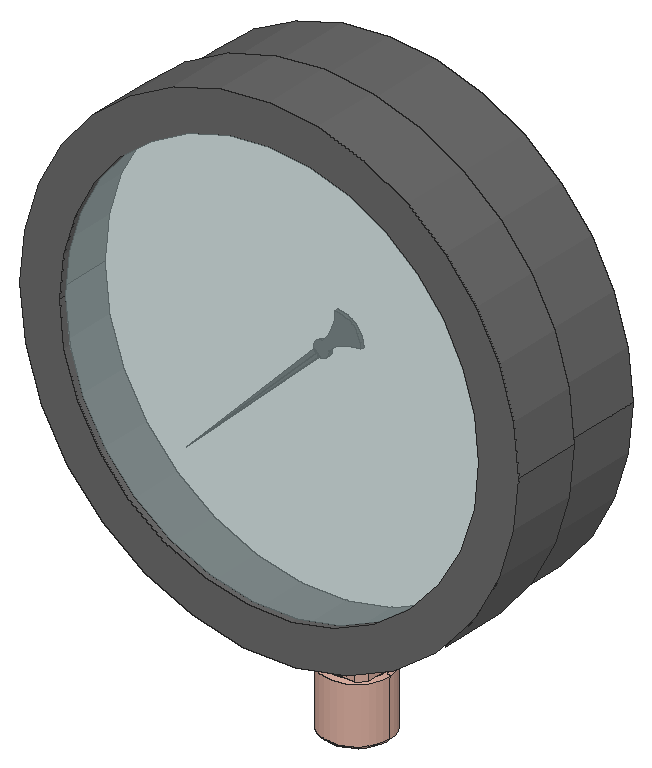
Revit family "РОСМА_Манометр_IP54", category Арматура трубопроводов, Revit 2018 (continued)
Definition of nested family "Корпус манометра_Ст_Исп_IP54"
  Automatic sketch dimensions
    curve 99 to curve 99 = 1.831 mm
    curve 100 to curve 100 = 1.759 mm
    curve 100 to curve 100 = 1.831 mm
    curve 101 to curve 101 = 1.759 mm
    curve 101 to curve 101 = 1.831 mm
    curve 102 to curve 102 = 1.759 mm
    curve 102 to curve 102 = 1.831 mm
    curve 103 to curve 103 = 1.759 mm
    curve 103 to curve 103 = 1.831 mm
    curve 104 to curve 104 = 1.759 mm
    curve 104 to curve 104 = 1.831 mm
    curve 105 to curve 105 = 1.759 mm
    curve 105 to curve 105 = 1.831 mm
    curve 106 to curve 106 = 1.759 mm
    curve 106 to curve 106 = 1.831 mm
    curve 107 to curve 107 = 1.759 mm
    curve 107 to curve 107 = 1.831 mm
    curve 108 to curve 108 = 1.759 mm
    curve 108 to curve 108 = 1.831 mm
    curve 109 to curve 109 = 1.759 mm
    curve 109 to curve 109 = 1.831 mm
    curve 110 to curve 110 = 1.759 mm
    curve 110 to curve 110 = 1.831 mm
    curve 111 to curve 111 = 1.759 mm
    curve 111 to curve 111 = 1.831 mm
    curve 112 to curve 112 = 1.759 mm
    curve 112 to curve 112 = 1.831 mm
    curve 113 to curve 113 = 1.759 mm
    curve 113 to curve 113 = 1.831 mm
    curve 114 to curve 114 = 1.759 mm
    curve 114 to curve 114 = 1.831 mm
    curve 115 to curve 115 = 1.759 mm
    curve 115 to curve 115 = 1.831 mm
    curve 116 to curve 116 = 1.759 mm
    curve 116 to curve 116 = 1.831 mm
    curve 117 to curve 117 = 1.759 mm
    curve 117 to curve 117 = 1.831 mm
    curve 118 to curve 118 = 1.759 mm
    curve 118 to curve 118 = 1.831 mm
    curve 119 to curve 119 = 1.759 mm
    curve 119 to curve 119 = 1.831 mm
    curve 120 to curve 120 = 1.759 mm
    curve 120 to curve 120 = 1.831 mm
    curve 121 to curve 121 = 1.759 mm
    curve 121 to curve 121 = 1.831 mm
    curve 122 to curve 122 = 1.759 mm
    curve 122 to curve 122 = 1.831 mm
    curve 123 to curve 123 = 1.759 mm
    curve 123 to curve 123 = 1.831 mm
    curve 124 to curve 124 = 1.759 mm
    curve 124 to curve 124 = 1.831 mm
    curve 125 to curve 125 = 1.759 mm
    curve 125 to curve 125 = 1.831 mm
    curve 126 to curve 126 = 1.759 mm
    curve 126 to curve 126 = 1.831 mm
    curve 127 to curve 127 = 1.759 mm
    curve 127 to curve 127 = 1.831 mm
    curve 128 to curve 128 = 1.759 mm
    curve 128 to curve 128 = 1.831 mm
    curve 129 to curve 129 = 1.759 mm
    curve 129 to curve 129 = 1.831 mm
    curve 130 to curve 130 = 1.759 mm
    curve 130 to curve 130 = 1.831 mm
    curve 131 to curve 131 = 1.759 mm
    curve 131 to curve 131 = 1.831 mm
    curve 132 to curve 132 = 1.759 mm
    curve 132 to curve 132 = 1.831 mm
    curve 133 to curve 133 = 1.759 mm
    curve 133 to curve 133 = 1.831 mm
    curve 134 to curve 134 = 1.759 mm
    curve 134 to curve 134 = 1.831 mm
    curve 135 to curve 135 = 1.759 mm
    curve 135 to curve 135 = 1.831 mm
    curve 136 to curve 136 = 1.759 mm
    curve 136 to curve 136 = 1.831 mm
    curve 137 to curve 137 = 1.759 mm
    curve 137 to curve 137 = 1.831 mm
    curve 138 to curve 138 = 1.759 mm
    curve 138 to curve 138 = 1.831 mm
    curve 139 to curve 139 = 1.759 mm
    curve 139 to curve 139 = 1.831 mm
    curve 140 to curve 140 = 1.759 mm
    curve 140 to curve 140 = 1.831 mm
    curve 141 to curve 141 = 1.759 mm
    curve 141 to curve 141 = 1.831 mm
    curve 142 to curve 142 = 1.759 mm
    curve 142 to curve 142 = 1.831 mm
    curve 143 to curve 143 = 1.759 mm
    curve 143 to curve 143 = 1.831 mm
    curve 144 to curve 144 = 1.759 mm
    curve 144 to curve 144 = 1.831 mm
    curve 145 to curve 145 = 1.759 mm
    curve 145 to curve 145 = 1.831 mm
    curve 146 to curve 146 = 1.759 mm
    curve 146 to curve 146 = 1.831 mm
    curve 157 to curve 157 = 1.759 mm
    curve 157 to curve 157 = 1.831 mm
    Extrusion 5 sketch curve to level = 0 mm
    Extrusion 5 sketch curve to plane 3 "По центру (Влево/Вправо)" = 0 mm
    plane 3 "По центру (Влево/Вправо)" to Extrusion 5 sketch curve = 4.123 mm  (x2)
    plane 9 "sr" to Extrusion 5 sketch curve = 0.432 mm
    plane 10 "sl" to Extrusion 5 sketch curve = 1.202 mm
    Extrusion 5 sketch curve to level = 8.836 mm
    level to Extrusion 5 sketch curve = 4.15 mm
    level to Extrusion 5 sketch curve = 11.827 mm
    plane 3 "По центру (Влево/Вправо)" to Extrusion 5 sketch curve = 0.392 mm
    level to Extrusion 5 sketch curve = 0.444 mm
    plane 3 "По центру (Влево/Вправо)" to Extrusion 5 sketch curve = 2.33 mm
    curve 218 to curve 218 = 1.759 mm
    curve 218 to curve 218 = 1.831 mm
    curve 217 to curve 217 = 1.759 mm
    curve 217 to curve 217 = 1.831 mm
    curve 219 to curve 219 = 1.759 mm
    curve 219 to curve 219 = 1.831 mm
    curve 220 to curve 220 = 1.759 mm
    curve 220 to curve 220 = 1.831 mm
    curve 221 to curve 221 = 1.759 mm
    curve 221 to curve 221 = 1.831 mm
    curve 222 to curve 222 = 1.759 mm
    curve 222 to curve 222 = 1.831 mm
    curve 223 to curve 223 = 1.759 mm
    curve 223 to curve 223 = 1.831 mm
    curve 224 to curve 224 = 1.759 mm
    curve 224 to curve 224 = 1.831 mm
    curve 225 to curve 225 = 1.759 mm
    curve 225 to curve 225 = 1.831 mm
    curve 226 to curve 226 = 1.759 mm
    curve 226 to curve 226 = 1.831 mm
    curve 227 to curve 227 = 1.759 mm
    curve 227 to curve 227 = 1.831 mm
    curve 228 to curve 228 = 1.759 mm
    curve 228 to curve 228 = 1.831 mm
    curve 229 to curve 229 = 1.759 mm
    curve 229 to curve 229 = 1.831 mm
    curve 230 to curve 230 = 1.759 mm
    curve 230 to curve 230 = 1.831 mm
    curve 231 to curve 231 = 1.759 mm
    curve 231 to curve 231 = 1.831 mm
    curve 232 to curve 232 = 1.759 mm
    curve 232 to curve 232 = 1.831 mm
    curve 233 to curve 233 = 1.759 mm
    curve 233 to curve 233 = 1.831 mm
    curve 234 to curve 234 = 1.759 mm
    curve 234 to curve 234 = 1.831 mm
    curve 235 to curve 235 = 1.759 mm
    curve 235 to curve 235 = 1.831 mm
    curve 236 to curve 236 = 1.759 mm
    curve 236 to curve 236 = 1.831 mm
    curve 237 to curve 237 = 1.759 mm
    curve 237 to curve 237 = 1.831 mm
    curve 238 to curve 238 = 1.759 mm
    curve 238 to curve 238 = 1.831 mm
    curve 239 to curve 239 = 1.759 mm
    curve 239 to curve 239 = 1.831 mm
    curve 240 to curve 240 = 1.759 mm
    curve 240 to curve 240 = 1.831 mm
    curve 241 to curve 241 = 1.759 mm
    curve 241 to curve 241 = 1.831 mm
    curve 242 to curve 242 = 1.759 mm
    curve 242 to curve 242 = 1.831 mm
    curve 243 to curve 243 = 1.759 mm
    curve 243 to curve 243 = 1.831 mm
    curve 244 to curve 244 = 1.759 mm
    curve 244 to curve 244 = 1.831 mm
    curve 245 to curve 245 = 1.759 mm
    curve 245 to curve 245 = 1.831 mm
    curve 246 to curve 246 = 1.759 mm
    curve 246 to curve 246 = 1.831 mm
    curve 247 to curve 247 = 1.759 mm
    curve 247 to curve 247 = 1.831 mm
    curve 248 to curve 248 = 1.759 mm
    curve 248 to curve 248 = 1.831 mm
    curve 249 to curve 249 = 1.759 mm
    curve 249 to curve 249 = 1.831 mm
    curve 250 to curve 250 = 1.759 mm
    curve 250 to curve 250 = 1.831 mm
    curve 251 to curve 251 = 1.759 mm
    curve 251 to curve 251 = 1.831 mm
    curve 252 to curve 252 = 1.759 mm
    curve 252 to curve 252 = 1.831 mm
    curve 253 to curve 253 = 1.759 mm
    curve 253 to curve 253 = 1.831 mm
    curve 254 to curve 254 = 1.759 mm
    curve 254 to curve 254 = 1.831 mm
    curve 255 to curve 255 = 1.759 mm
    curve 255 to curve 255 = 1.831 mm
    curve 256 to curve 256 = 1.759 mm
    curve 256 to curve 256 = 1.831 mm
    curve 257 to curve 257 = 1.759 mm
    curve 257 to curve 257 = 1.831 mm
    curve 258 to curve 258 = 1.759 mm
    curve 258 to curve 258 = 1.831 mm
    curve 259 to curve 259 = 1.759 mm
    curve 259 to curve 259 = 1.831 mm
    curve 260 to curve 260 = 1.759 mm
    curve 260 to curve 260 = 1.831 mm
    curve 261 to curve 261 = 1.759 mm
    curve 261 to curve 261 = 1.831 mm
    curve 262 to curve 262 = 1.759 mm
    curve 262 to curve 262 = 1.831 mm
    curve 263 to curve 263 = 1.759 mm
    curve 263 to curve 263 = 1.831 mm
    curve 264 to curve 264 = 1.759 mm
    curve 264 to curve 264 = 1.831 mm
    curve 265 to curve 265 = 1.759 mm
    curve 265 to curve 265 = 1.831 mm
    curve 266 to curve 266 = 1.759 mm
    curve 266 to curve 266 = 1.831 mm
    curve 267 to curve 267 = 1.759 mm
    curve 267 to curve 267 = 1.831 mm
    curve 268 to curve 268 = 1.759 mm
    curve 268 to curve 268 = 1.831 mm
    curve 269 to curve 269 = 1.759 mm
    curve 269 to curve 269 = 1.831 mm
    curve 270 to curve 270 = 1.759 mm
    curve 270 to curve 270 = 1.831 mm
    curve 271 to curve 271 = 1.759 mm
    curve 271 to curve 271 = 1.831 mm
    curve 272 to curve 272 = 1.759 mm
    curve 272 to curve 272 = 1.831 mm
    curve 273 to curve 273 = 1.759 mm
    curve 273 to curve 273 = 1.831 mm
    curve 274 to curve 274 = 1.759 mm
    curve 274 to curve 274 = 1.831 mm
    curve 275 to curve 275 = 1.759 mm
    curve 275 to curve 275 = 1.831 mm
    curve 276 to curve 276 = 1.759 mm
    curve 276 to curve 276 = 1.831 mm
    curve 277 to curve 277 = 1.759 mm
    curve 277 to curve 277 = 1.831 mm
    curve 278 to curve 278 = 1.759 mm
    curve 278 to curve 278 = 1.831 mm
    curve 279 to curve 279 = 1.759 mm
    curve 279 to curve 279 = 1.831 mm
    curve 280 to curve 280 = 1.759 mm
    curve 280 to curve 280 = 1.831 mm
    curve 281 to curve 281 = 1.759 mm
    curve 281 to curve 281 = 1.831 mm
    curve 282 to curve 282 = 1.759 mm
    curve 282 to curve 282 = 1.831 mm
    curve 283 to curve 283 = 1.759 mm
    curve 283 to curve 283 = 1.831 mm
    curve 284 to curve 284 = 1.759 mm
    curve 284 to curve 284 = 1.831 mm
    curve 285 to curve 285 = 1.759 mm
    curve 285 to curve 285 = 1.831 mm
    curve 286 to curve 286 = 1.759 mm
    curve 286 to curve 286 = 1.831 mm
    curve 287 to curve 287 = 1.759 mm
    curve 287 to curve 287 = 1.831 mm
    curve 288 to curve 288 = 1.759 mm
    curve 288 to curve 288 = 1.831 mm
    curve 289 to curve 289 = 1.759 mm
    curve 289 to curve 289 = 1.831 mm
    curve 290 to curve 290 = 1.759 mm
    curve 290 to curve 290 = 1.831 mm
    curve 291 to curve 291 = 1.759 mm
    curve 291 to curve 291 = 1.831 mm
    curve 292 to curve 292 = 1.759 mm
    curve 292 to curve 292 = 1.831 mm
    curve 293 to curve 293 = 1.759 mm
    curve 293 to curve 293 = 1.831 mm
    curve 294 to curve 294 = 1.759 mm
    curve 294 to curve 294 = 1.831 mm
    curve 295 to curve 295 = 1.759 mm
    curve 295 to curve 295 = 1.831 mm
    curve 296 to curve 296 = 1.759 mm
    curve 296 to curve 296 = 1.831 mm
    curve 297 to curve 297 = 1.759 mm
    curve 297 to curve 297 = 1.831 mm
    curve 298 to curve 298 = 1.759 mm
    curve 298 to curve 298 = 1.831 mm
    curve 299 to curve 299 = 1.759 mm
    curve 299 to curve 299 = 1.831 mm
    curve 300 to curve 300 = 1.759 mm
    curve 300 to curve 300 = 1.831 mm
    curve 301 to curve 301 = 1.759 mm
    curve 301 to curve 301 = 1.831 mm
    curve 302 to curve 302 = 1.759 mm
    curve 302 to curve 302 = 1.831 mm
    curve 303 to curve 303 = 1.759 mm
    curve 303 to curve 303 = 1.831 mm
    curve 304 to curve 304 = 1.759 mm
    curve 304 to curve 304 = 1.831 mm
    curve 305 to curve 305 = 1.759 mm
    curve 305 to curve 305 = 1.831 mm
    curve 315 to curve 315 = 13.751 mm
    curve 316 to curve 316 = 13.751 mm
    curve 201 to curve 201 = 0.5 mm
    curve 201 to curve 201 = 3.276 mm
    curve 165 to curve 164 = 0.273 mm
    curve 165 to curve 170 = 4.273 mm
    curve 170 to curve 201 = 5.048 mm
    curve 201 to curve 200 = 0.052 mm
    curve 201 to curve 209 = 3.696 mm
    curve 207 to curve 207 = 0.359 mm
    curve 201 to curve 190 = 5.684 mm
    curve 189 to curve 190 = 1.451 mm
    curve 170 to curve 165 = 0.7 mm
    curve 170 to curve 190 = 2.319 mm
    curve 170 to curve 201 = 10.694 mm
    curve 201 to curve 200 = 0.021 mm
    curve 207 to curve 209 = 3.572 mm
    curve 165 to curve 165 = 0.495 mm
    curve 201 to curve 200 = 0.038 mm
    curve 200 to curve 201 = 1.731 mm
    curve 200 to curve 207 = 2.932 mm
    curve 209 to curve 209 = 1.293 mm
    curve 189 to curve 189 = 1.203 mm
    curve 189 to curve 191 = 3.856 mm
    curve 191 to curve 190 = 4.488 mm
    curve 189 to curve 191 = 0 mm
    curve 201 to curve 200 = 1.57 mm
    curve 209 to curve 209 = 1.164 mm
    curve 165 to curve 169 = 0.15 mm
    curve 170 to curve 173 = 5.053 mm
    curve 170 to curve 173 = 0.079 mm
    curve 165 to curve 169 = 0.079 mm
    curve 166 to curve 164 = 0.758 mm
    curve 161 to curve 161 = 1.079 mm
    curve 173 to curve 173 = 1.696 mm  (x2)
    curve 210 to curve 207 = 0.41 mm
    curve 216 to curve 216 = 2.225 mm
    curve 189 to curve 196 = 0.987 mm
    curve 198 to curve 190 = 0.697 mm
    curve 198 to curve 198 = 0.444 mm
    curve 192 to curve 191 = 0.972 mm
    curve 173 to curve 173 = 1.523 mm
    curve 161 to curve 165 = 1.29 mm
    curve 192 to curve 198 = 2.173 mm
    curve 198 to curve 190 = 0.867 mm
    curve 216 to curve 207 = 2.225 mm
    curve 207 to curve 210 = 1.24 mm
    curve 168 to curve 169 = 0.862 mm
    curve 201 to curve 205 = 0.038 mm
    curve 205 to curve 209 = 0.784 mm
    curve 211 to curve 211 = 0.756 mm
    curve 201 to curve 215 = 2.179 mm
    curve 196 to curve 194 = 0.351 mm
    curve 198 to curve 194 = 0.132 mm
    curve 194 to curve 198 = 1.029 mm
    curve 215 to curve 201 = 0.888 mm
    curve 211 to curve 210 = 0.014 mm
    curve 205 to curve 209 = 1.127 mm
    curve 201 to curve 205 = 1.363 mm
    curve 170 to curve 171 = 0 mm  (x4)
    curve 162 to curve 165 = 0.556 mm
    curve 213 to curve 201 = 0.253 mm
    curve 173 to curve 172 = 0.042 mm
    curve 200 to curve 212 = 0.492 mm
    curve 175 to curve 173 = 0.639 mm
    curve 174 to curve 173 = 0.63 mm
    curve 173 to curve 177 = 0.797 mm
    curve 208 to curve 207 = 0.056 mm
    curve 176 to curve 187 = 1.048 mm
    curve 176 to curve 178 = 1.122 mm
    curve 207 to curve 212 = 0.29 mm
    curve 187 to curve 185 = 0.925 mm
    curve 187 to curve 179 = 1.349 mm
    curve 185 to curve 184 = 0.888 mm
    curve 178 to curve 180 = 2.608 mm
    curve 179 to curve 184 = 1.405 mm
    curve 179 to curve 181 = 1.043 mm
    curve 197 to curve 198 = 0.964 mm
    curve 176 to curve 173 = 0.725 mm
    curve 181 to curve 189 = 0 mm
    curve 182 to curve 184 = 0.566 mm
    curve 162 to curve 168 = 0.863 mm
    curve 173 to curve 175 = 0.582 mm
    curve 185 to curve 179 = 1.388 mm
    curve 179 to curve 184 = 0.116 mm
    curve 178 to curve 187 = 0.151 mm
    curve 172 to curve 173 = 0.019 mm
    curve 189 to curve 181 = 0.081 mm
    curve 173 to curve 178 = 0.797 mm
    curve 201 to curve 214 = 0.138 mm
    curve 200 to curve 213 = 0.914 mm
    curve 208 to curve 207 = 0.011 mm
    curve 204 to curve 200 = 1.222 mm
    curve 42 to curve 42 = 0.5 mm
    curve 42 to curve 42 = 3.276 mm
    curve 6 to curve 5 = 0.273 mm
    curve 6 to curve 11 = 4.273 mm
    curve 11 to curve 42 = 5.048 mm
    curve 42 to curve 41 = 0.052 mm
    curve 42 to curve 50 = 3.696 mm
    curve 48 to curve 48 = 0.359 mm
    curve 42 to curve 31 = 5.684 mm
    curve 30 to curve 31 = 1.451 mm
    curve 11 to curve 6 = 0.7 mm
    curve 11 to curve 31 = 2.319 mm
    curve 11 to curve 42 = 10.694 mm
    curve 42 to curve 41 = 0.021 mm
    curve 48 to curve 50 = 3.572 mm
    curve 6 to curve 6 = 0.495 mm
    curve 42 to curve 41 = 0.038 mm
    curve 41 to curve 42 = 1.731 mm
    curve 41 to curve 48 = 2.932 mm
    curve 50 to curve 50 = 1.293 mm
    curve 30 to curve 30 = 1.203 mm
    curve 30 to curve 32 = 3.856 mm
    curve 32 to curve 31 = 4.488 mm
    curve 30 to curve 32 = 0 mm
    curve 42 to curve 41 = 1.57 mm
    curve 50 to curve 50 = 1.164 mm
    curve 6 to curve 10 = 0.15 mm
    curve 11 to curve 14 = 5.053 mm
    curve 11 to curve 14 = 0.079 mm
    curve 6 to curve 10 = 0.079 mm
    curve 7 to curve 5 = 0.758 mm
    curve 2 to curve 2 = 1.079 mm
    curve 14 to curve 14 = 1.696 mm  (x2)
    curve 51 to curve 48 = 0.41 mm
    curve 57 to curve 57 = 2.225 mm
    curve 30 to curve 37 = 0.987 mm
    curve 39 to curve 31 = 0.697 mm
    curve 39 to curve 39 = 0.444 mm
    curve 33 to curve 32 = 0.972 mm
    curve 14 to curve 14 = 1.523 mm
    curve 2 to curve 6 = 1.29 mm
    curve 33 to curve 39 = 2.173 mm
    curve 39 to curve 31 = 0.867 mm
    curve 57 to curve 48 = 2.225 mm
    curve 48 to curve 51 = 1.24 mm
    curve 9 to curve 10 = 0.862 mm
    curve 42 to curve 46 = 0.038 mm
    curve 46 to curve 50 = 0.784 mm
    curve 52 to curve 52 = 0.756 mm
    curve 42 to curve 56 = 2.179 mm
    curve 37 to curve 35 = 0.351 mm
    curve 39 to curve 35 = 0.132 mm
    curve 35 to curve 39 = 1.029 mm
    curve 56 to curve 42 = 0.888 mm
    curve 52 to curve 51 = 0.014 mm
    curve 46 to curve 50 = 1.127 mm
    curve 42 to curve 46 = 1.363 mm
    curve 11 to curve 12 = 0 mm  (x4)
    curve 3 to curve 6 = 0.556 mm
    curve 54 to curve 42 = 0.253 mm
    curve 14 to curve 13 = 0.042 mm
    curve 41 to curve 53 = 0.492 mm
    curve 16 to curve 14 = 0.639 mm
    curve 15 to curve 14 = 0.63 mm
    curve 14 to curve 18 = 0.797 mm
    curve 49 to curve 48 = 0.056 mm
    curve 17 to curve 28 = 1.048 mm
    curve 17 to curve 19 = 1.122 mm
    curve 48 to curve 53 = 0.29 mm
    curve 28 to curve 26 = 0.925 mm
    curve 28 to curve 20 = 1.349 mm
    curve 26 to curve 25 = 0.888 mm
    curve 19 to curve 21 = 2.608 mm
    curve 20 to curve 25 = 1.405 mm
    curve 20 to curve 22 = 1.043 mm
    curve 38 to curve 39 = 0.964 mm
    curve 17 to curve 14 = 0.725 mm
    curve 22 to curve 30 = 0 mm
    curve 23 to curve 25 = 0.566 mm
    curve 3 to curve 9 = 0.863 mm
    curve 14 to curve 16 = 0.582 mm
    curve 26 to curve 20 = 1.388 mm
    curve 20 to curve 25 = 0.116 mm
    curve 19 to curve 28 = 0.151 mm
    curve 13 to curve 14 = 0.019 mm
    curve 30 to curve 22 = 0.081 mm
    curve 14 to curve 19 = 0.797 mm
    curve 42 to curve 55 = 0.138 mm
    curve 41 to curve 54 = 0.914 mm
    curve 49 to curve 48 = 0.011 mm
    curve 45 to curve 41 = 1.222 mm
    curve 327 to curve 328 = 0 mm  (x6)
    curve 348 to curve 349 = 0.972 mm
    curve 349 to curve 348 = 4.494 mm
    curve 349 to curve 351 = 1.197 mm  (x2)
    curve 350 to curve 354 = 1.038 mm
    curve 347 to curve 355 = 1.112 mm
    curve 354 to curve 356 = 0.964 mm
    curve 354 to curve 352 = 1.034 mm
    curve 355 to curve 346 = 1.149 mm
    curve 351 to curve 352 = 1.197 mm
    curve 352 to curve 346 = 0.987 mm
    curve 346 to curve 337 = 1.692 mm
    curve 338 to curve 339 = 0.971 mm
    curve 337 to curve 337 = 1.043 mm
    curve 336 to curve 371 = 2.832 mm  (x2)
    curve 339 to curve 341 = 1.097 mm
    curve 340 to curve 335 = 1.409 mm
    curve 371 to curve 366 = 10.223 mm
    curve 341 to curve 343 = 0.888 mm
    curve 366 to curve 368 = 1.32 mm
    curve 365 to curve 369 = 2.49 mm
    curve 336 to curve 335 = 2.608 mm
    curve 365 to curve 364 = 1.273 mm
    curve 335 to curve 344 = 1.357 mm  (x2)
    curve 364 to curve 365 = 0.057 mm
    curve 371 to curve 359 = 2.353 mm  (x2)
    curve 366 to curve 366 = 1.74 mm
    curve 365 to curve 368 = 0.756 mm
    curve 334 to curve 333 = 1.122 mm
    curve 364 to curve 361 = 1.373 mm
    curve 333 to curve 332 = 1.077 mm  (x2)
    curve 333 to curve 331 = 1.127 mm
    curve 359 to curve 359 = 2.337 mm  (x2)
    curve 330 to curve 331 = 0.891 mm
    curve 330 to curve 332 = 0.864 mm  (x2)
    curve 365 to curve 369 = 3.211 mm
    curve 369 to curve 357 = 1.038 mm
    curve 332 to curve 329 = 1.372 mm  (x2)
    curve 329 to curve 330 = 0.046 mm  (x2)
    curve 357 to curve 358 = 0.056 mm
    curve 358 to curve 370 = 0.289 mm  (x2)
    curve 369 to curve 360 = 1.641 mm
    curve 357 to curve 363 = 3.602 mm
    curve 362 to curve 363 = 1.364 mm
    curve 330 to curve 327 = 5.053 mm
    curve 327 to curve 320 = 3.875 mm
    curve 322 to curve 321 = 3.186 mm
    curve 322 to curve 323 = 0.768 mm
    curve 326 to curve 322 = 0.17 mm
    curve 320 to curve 319 = 1.051 mm
    curve 326 to curve 323 = 0.862 mm
    curve 318 to curve 317 = 1.079 mm
    curve 350 to curve 352 = 1.897 mm
    curve 340 to curve 346 = 1.459 mm
    curve 344 to curve 342 = 1.084 mm
    curve 318 to curve 320 = 1.664 mm
    curve 342 to curve 336 = 1.451 mm
    curve 335 to curve 340 = 1.409 mm
    curve 320 to curve 325 = 0.929 mm
    curve 322 to curve 328 = 3.875 mm
    curve 351 to curve 354 = 1.034 mm
    curve 326 to curve 322 = 0.716 mm
    curve 322 to curve 326 = 0.17 mm
    curve 354 to curve 356 = 1.514 mm
    curve 355 to curve 348 = 1.112 mm
    curve 331 to curve 333 = 1.127 mm
    curve 340 to curve 336 = 2.5 mm
    curve 359 to curve 358 = 3.474 mm
    curve 358 to curve 357 = 0.056 mm
    curve 365 to curve 365 = 1.3 mm
    curve 365 to curve 364 = 0.057 mm
    curve 360 to curve 357 = 1.222 mm
    curve 365 to curve 367 = 0.756 mm
    curve 368 to curve 367 = 1.32 mm
    curve 367 to curve 361 = 1.41 mm
    curve 361 to curve 366 = 1.373 mm
    curve 363 to curve 362 = 1.364 mm
    curve 372 to curve 371 = 2.421 mm
    curve 373 to curve 369 = 2.294 mm
    curve 371 to curve 372 = 2.421 mm
    curve 333 to curve 339 = 3.802 mm
    curve 318 to curve 330 = 10.13 mm
    Extrusion 6 sketch curve to plane 14 = 0 mm  (x2)
    Extrusion 6 sketch curve to plane 16 = 0 mm
    Extrusion 6 sketch curve to plane 17 = 0 mm
    Extrusion 6 sketch curve to level = 0.614 mm
    Extrusion 7 sketch curve to plane 14 = 0 mm  (x2)
    Extrusion 7 sketch curve to plane 16 = 0 mm
    plane 3 "По центру (Влево/Вправо)" to Extrusion 7 sketch curve = 0.614 mm
    curve 159 to plane 10 "sl" = 16.519 mm
    curve 159 to curve 158 = 62.657 mm
    plane 9 "sr" to curve 158 = 107.621 mm
    curve 317 to curve 324 = 0.923 mm
    curve 324 to curve 320 = 0.156 mm
    curve 324 to curve 322 = 0.712 mm
    curve 323 to curve 323 = 0.862 mm
    curve 326 to curve 321 = 0.122 mm
    curve 325 to curve 320 = 0.344 mm
    curve 322 to curve 328 = 3.778 mm
    curve 322 to curve 363 = 8.548 mm
    curve 358 to curve 360 = 0.038 mm
    curve 363 to curve 362 = 0.038 mm
    curve 360 to curve 370 = 0.209 mm
    curve 370 to curve 358 = 0.253 mm
    curve 327 to curve 330 = 5.053 mm
    curve 330 to curve 329 = 0.042 mm
    curve 358 to curve 357 = 0.052 mm
    curve 357 to curve 369 = 0.492 mm
    curve 329 to curve 332 = 1.015 mm
    curve 329 to curve 331 = 1.024 mm
    curve 357 to curve 359 = 1.493 mm
    curve 331 to curve 331 = 0.63 mm
    curve 332 to curve 332 = 0.639 mm
    curve 358 to curve 362 = 2.912 mm
    curve 331 to curve 334 = 0.797 mm
    curve 361 to curve 367 = 0.733 mm
    curve 361 to curve 366 = 0.784 mm
    curve 357 to curve 359 = 1.731 mm
    curve 367 to curve 365 = 0.354 mm
    curve 333 to curve 344 = 1.048 mm
    curve 365 to curve 364 = 0.056 mm
    curve 333 to curve 335 = 1.122 mm
    curve 364 to curve 369 = 0.29 mm
    curve 367 to curve 368 = 0.756 mm
    curve 344 to curve 342 = 0.925 mm
    curve 369 to curve 373 = 0.632 mm
    curve 365 to curve 366 = 0.588 mm
    curve 343 to curve 336 = 1.349 mm
    curve 342 to curve 341 = 0.888 mm
    curve 358 to curve 371 = 2.179 mm
    curve 334 to curve 337 = 2.608 mm
    curve 335 to curve 341 = 1.405 mm
    curve 371 to curve 373 = 1.247 mm
    curve 336 to curve 338 = 1.043 mm
    curve 338 to curve 353 = 0.488 mm
    curve 346 to curve 353 = 0.987 mm
    curve 337 to curve 347 = 1.69 mm
    curve 352 to curve 352 = 0.351 mm
    curve 351 to curve 354 = 0.099 mm
    curve 346 to curve 356 = 0.754 mm
    curve 354 to curve 355 = 0.964 mm
    curve 354 to curve 350 = 0.132 mm
    curve 355 to curve 347 = 0.697 mm
    curve 350 to curve 350 = 0.351 mm
    curve 349 to curve 349 = 0.972 mm
    curve 333 to curve 346 = 0 mm
    curve 338 to curve 346 = 0 mm
    curve 350 to curve 352 = 0 mm
    curve 333 to curve 318 = 0.016 mm
    curve 339 to curve 341 = 0.566 mm
    curve 333 to curve 332 = 0.725 mm
    curve 352 to curve 352 = 1.144 mm
    curve 318 to curve 319 = 1.29 mm
    curve 330 to curve 332 = 0.582 mm
    curve 342 to curve 336 = 1.388 mm
    curve 335 to curve 341 = 0.116 mm
    curve 335 to curve 344 = 0.151 mm
    curve 319 to curve 325 = 0.863 mm
    curve 322 to curve 328 = 0.863 mm
    curve 350 to curve 355 = 1.029 mm
    curve 329 to curve 329 = 0.923 mm
    curve 329 to curve 330 = 0.019 mm
    curve 326 to curve 322 = 0.7 mm
    curve 322 to curve 326 = 0.079 mm
    curve 354 to curve 355 = 1.448 mm
    curve 355 to curve 347 = 0.867 mm
    curve 346 to curve 338 = 0.081 mm
    curve 331 to curve 335 = 0.797 mm
    curve 336 to curve 371 = 2.724 mm
    curve 371 to curve 359 = 0.888 mm
    curve 371 to curve 372 = 2.075 mm
    curve 359 to curve 359 = 1.57 mm
    curve 372 to curve 373 = 2.225 mm
    curve 359 to curve 358 = 3.112 mm
    curve 358 to curve 357 = 0.021 mm
    curve 358 to curve 371 = 0.138 mm
    curve 365 to curve 365 = 1.253 mm
    curve 365 to curve 364 = 0.011 mm
    curve 361 to curve 357 = 1.222 mm
    curve 368 to curve 367 = 0.014 mm
    curve 365 to curve 367 = 1.182 mm
    curve 361 to curve 364 = 1.127 mm
    curve 363 to curve 362 = 1.363 mm
    curve 384 to curve 385 = 0 mm  (x2)
    curve 374 to curve 381 = 0.923 mm
    curve 381 to curve 377 = 0.156 mm
    curve 381 to curve 379 = 0.712 mm
    curve 380 to curve 380 = 0.862 mm
    curve 383 to curve 378 = 0.122 mm
    curve 382 to curve 377 = 0.344 mm
    curve 379 to curve 385 = 3.778 mm
    curve 379 to curve 420 = 8.548 mm
    curve 415 to curve 417 = 0.038 mm
    curve 420 to curve 419 = 0.038 mm
    curve 417 to curve 427 = 0.209 mm
    curve 427 to curve 415 = 0.253 mm
    curve 384 to curve 387 = 5.053 mm
    curve 387 to curve 386 = 0.042 mm
    curve 415 to curve 414 = 0.052 mm
    curve 414 to curve 426 = 0.492 mm
    curve 386 to curve 389 = 1.015 mm
    curve 386 to curve 388 = 1.024 mm
    curve 414 to curve 416 = 1.493 mm
    curve 388 to curve 388 = 0.63 mm
    curve 389 to curve 389 = 0.639 mm
    curve 415 to curve 419 = 2.912 mm
    curve 388 to curve 391 = 0.797 mm
    curve 418 to curve 424 = 0.733 mm
    curve 418 to curve 423 = 0.784 mm
    curve 414 to curve 416 = 1.731 mm
    curve 424 to curve 422 = 0.354 mm
    curve 390 to curve 401 = 1.048 mm
    curve 422 to curve 421 = 0.056 mm
    curve 390 to curve 392 = 1.122 mm
    curve 421 to curve 426 = 0.29 mm
    curve 424 to curve 425 = 0.756 mm
    curve 401 to curve 399 = 0.925 mm
    curve 426 to curve 430 = 0.632 mm
    curve 422 to curve 423 = 0.588 mm
    curve 400 to curve 393 = 1.349 mm
    curve 399 to curve 398 = 0.888 mm
    curve 415 to curve 428 = 2.179 mm
    curve 391 to curve 394 = 2.608 mm
    curve 392 to curve 398 = 1.405 mm
    curve 428 to curve 430 = 1.247 mm
    curve 393 to curve 395 = 1.043 mm
    curve 395 to curve 410 = 0.488 mm
    curve 403 to curve 410 = 0.987 mm
    curve 394 to curve 404 = 1.69 mm
    curve 409 to curve 409 = 0.351 mm
    curve 408 to curve 411 = 0.099 mm
    curve 403 to curve 413 = 0.754 mm
    curve 411 to curve 412 = 0.964 mm
    curve 411 to curve 407 = 0.132 mm
    curve 412 to curve 404 = 0.697 mm
    curve 407 to curve 407 = 0.351 mm
    curve 406 to curve 406 = 0.972 mm
    curve 390 to curve 403 = 0 mm
    curve 395 to curve 403 = 0 mm
    curve 407 to curve 409 = 0 mm
    curve 390 to curve 375 = 0.016 mm
    curve 396 to curve 398 = 0.566 mm
    curve 390 to curve 389 = 0.725 mm
    curve 409 to curve 409 = 1.144 mm
    curve 375 to curve 376 = 1.29 mm
    curve 387 to curve 389 = 0.582 mm
    curve 399 to curve 393 = 1.388 mm
    curve 392 to curve 398 = 0.116 mm
    curve 392 to curve 401 = 0.151 mm
    curve 376 to curve 382 = 0.863 mm
    curve 379 to curve 385 = 0.863 mm
    curve 407 to curve 412 = 1.029 mm
    curve 386 to curve 386 = 0.923 mm
    curve 386 to curve 387 = 0.019 mm
    curve 383 to curve 379 = 0.7 mm
    curve 379 to curve 383 = 0.079 mm
    curve 411 to curve 412 = 1.448 mm
    curve 412 to curve 404 = 0.867 mm
    curve 403 to curve 395 = 0.081 mm
    curve 388 to curve 392 = 0.797 mm
    curve 393 to curve 428 = 2.724 mm
    curve 428 to curve 416 = 0.888 mm
    curve 428 to curve 429 = 2.075 mm
    curve 416 to curve 416 = 1.57 mm
    curve 429 to curve 430 = 2.225 mm
    curve 416 to curve 415 = 3.112 mm
    curve 415 to curve 414 = 0.021 mm
    curve 415 to curve 428 = 0.138 mm
    curve 422 to curve 422 = 1.253 mm
    curve 422 to curve 421 = 0.011 mm
    curve 418 to curve 414 = 1.222 mm
    curve 425 to curve 424 = 0.014 mm
    curve 422 to curve 424 = 1.182 mm
    curve 418 to curve 421 = 1.127 mm
    curve 420 to curve 419 = 1.363 mm
    radius of curve 170 = 2.25 mm
    radius of curve 171 = 1.301 mm
    radius of curve 11 = 2.25 mm
    radius of curve 12 = 1.301 mm
    radius of curve 327 = 2.25 mm  (x2)
    radius of curve 328 = 1.301 mm  (x2)
    radius of curve 384 = 2.25 mm
    radius of curve 385 = 1.301 mm
Definition of nested family "DAA_УГО_МанометрПоказывающий_ГОСТ21.208-2013"
  Parameters (values of type "DAA_УГО_МанометрПоказывающий_ГОСТ21.208-2013")
    Центр2 = 0.5 * Масштаб_УГО  # 25 mm
    Центр = 0.9 * Масштаб_УГО  # 45 mm
    Масштаб_УГО = 50 mm
    Высота_выноски_на_виде_мм = 2
    rr = 0.8 * Масштаб_УГО  # 40 mm
    r = 2.5 * Масштаб_УГО  # 125 mm
    lr2 = 1.4 * Масштаб_УГО  # 70 mm
    lr1 = 0.8 * Масштаб_УГО  # 40 mm
    ll2 = 1.4 * Масштаб_УГО  # 70 mm
    ll1 = 0.8 * Масштаб_УГО  # 40 mm
    h5 = 3.8 * Масштаб_УГО  # 190 mm
    h4 = 4.2 * Масштаб_УГО  # 210 mm
    h3 = 3.4 * Масштаб_УГО  # 170 mm
    h2 = 2.6 * Масштаб_УГО  # 130 mm
    h1 = Высота_выноски_на_виде_мм * Масштаб_УГО  # 100 mm
  Reference planes
    plane 1 "По центру (Вперед/Назад)": y = 0
    plane 2: z = 0
    plane 3 "По центру (Влево/Вправо)": x = 0
    plane 4: z = 100
    plane 5: z = 225
    plane 6: x = -25
    plane 7: x = 45
    plane 8: z = 230
    plane 9: z = 270
    plane 10: z = 310
    plane 11: x = -70
    plane 12: x = -40
    plane 13: z = 290
    plane 14: x = 40
    plane 15: x = 70
  Lines and regions (mm)
    reference lines
      curve 1: circle (0, 0, 225) r 125 normal (0, -1, 0)
      curve 2: arc (-25, 0, 310) -> (-5, 0, 290) -> (-25, 0, 270) r 20
      curve 3: circle (45, 0, 270) r 40 normal (0, -1, 0)
    model lines
      curve 4: line (-70, 0, 230) -> (-70, 0, 310)
      curve 5: line (-25, 0, 270) -> (-70, 0, 270)
      curve 6: arc (70, 0, 301.225) -> (5, 0, 270) -> (70, 0, 238.775) r 40
      curve 7: line (70, 0, 270) -> (70, 0, 238.775)
      curve 8: line (70, 0, 270) -> (40, 0, 270)
      curve 9: line (-70, 0, 310) -> (-25, 0, 310)
      curve 10: arc (-25, 0, 310) -> (-5, 0, 290) -> (-25, 0, 270) r 20
      curve 11: circle (0, 0, 225) r 125 normal (0, -1, 0)
      curve 12: line (0, 0, 100) -> (0, 0, 0)
  Dimensions and locks
    "h1": plane 4 to level
    "r": plane 5 to plane 4
    "h2": plane 8 to plane 4
    "h3": plane 9 to plane 4
    "h4": plane 10 to plane 4
    "lr1": plane 14 to plane 3 "По центру (Влево/Вправо)"
    "lr2": plane 15 to plane 3 "По центру (Влево/Вправо)"
    "ll1": plane 3 "По центру (Влево/Вправо)" to plane 12
    "ll2": plane 3 "По центру (Влево/Вправо)" to plane 11
    "h5": plane 13 to plane 4
    "Центр": plane 7 to plane 3 "По центру (Влево/Вправо)"
    "Центр2": plane 3 "По центру (Влево/Вправо)" to plane 6
    "r": radius of curve 1
    "rr": radius of curve 3
    aligned and locked: level to plane 2
    aligned and locked: plane 11 to curve 4
    aligned and locked: curve 6 to curve 3
    aligned and locked: curve 7 to plane 15
    aligned and locked: curve 8 to plane 9
    aligned and locked: curve 9 to plane 10
    aligned and locked: curve 10 to curve 2
    aligned and locked: curve 11 to curve 1
    aligned and locked: curve 12 to plane 3 "По центру (Влево/Вправо)"
  Automatic sketch dimensions
    curve 8 to plane 14 = 0 mm
    curve 6 to plane 15 = 0 mm
    curve 12 to level = 0 mm
    curve 4 to plane 8 = 0 mm
    curve 2 to plane 6 = 0 mm
    curve 1 to plane 3 "По центру (Влево/Вправо)" = 0 mm
    curve 3 to plane 7 = 0 mm
    curve 1 to plane 5 = 0 mm
    curve 3 to plane 9 = 0 mm
    curve 2 to plane 9 = 0 mm
    curve 2 to plane 13 = 0 mm
Types (2, lengths in mm): name | Исполнение | Dполости_переднСт | Drezba | D_полости | Длина стрелки | h | e | b-e | b | R_Logo | R2 шкала | R1 шкала | D2 | D2/2 | D1 | D | ADSK_Масса_Текст | ADSK_Марка
  610 | 610 | 128 | "M20" | 134 | 56 | 110 | 23 | 25 | 48 | 51 | 58 | 60 | 148 | 74 | 152 | 150 | "0,71" | "ТМ-610Р.00(0-0.16МРа)М20х1.5.1.5.IP54"
  510 | 510 | 78 | "" | 84 | 31 | 85 | 22 | 24 | 46 | 26 | 33 | 35 | 98 | 49 | 100 | 100 | "0,39" | "ТМ-510Р.00(0-0.16МРа)М20х1.5.1.5.IP54"
